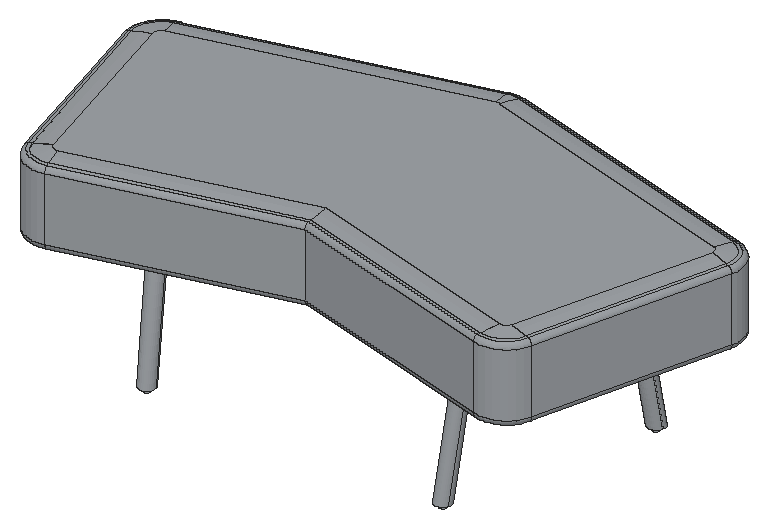
Revit family "Martin Brattrud - Medinah - Bench - 30 Degree", category Furniture, Revit 2016
Family settings
  OmniClass Number = 23.40.20.00
  OmniClass Title = General Furniture and Specialties
  Work Plane-Based = No
  Always vertical = Yes
  Cut with Voids When Loaded = No
  Shared = No
  Room Calculation Point = No
Parameters
  r = 0' - 0 1/2"  # constant formula
  WIDTH = 5' - 3"  # constant formula
  Upholstery (Seat) [instance] = Fabric - White
  Upholstery (Pillow) [instance] = Fabric - White
  Upholstery (Back) [instance] = Fabric - White
  URL = "http://www.martinbrattrud.com"
  SCS Certified Product = "Yes"
  Model = "1924-51"
  Manufacturer = "Martin Brattrud, Inc."
  Leg [instance] = Metal, Chrome
  Keynote = "125000"
  HEIGHT = 3' - 7"
  Description = "Medinah, Bench 30 Degree"
  DEPTH = 2' - 0"  # constant formula
  Copyright = "© 2018 Martin Brattrud, Inc."
  Authoring Version = "Revit Architecture 2016"
  Assembly Code = "E2020200"
  ANGLE = 15.00°  # constant formula
Reference planes (in)
  plane 1 "Center Front/Back": y = 0
  plane 2: z = 0
  plane 3 "Center Left/Right": x = 0
  plane 4: z = 11.3187651
  plane 5: z = 0.3828391
  plane 6: z = 11.0687651
  plane 7: z = 9.5880093
  plane 8: z = 18.375424
  plane 9: through (0, -4.1319701, 19.5573484) normal (0, 0.9781, -0.2079)
  plane 10: through (0, -4.2542385, 19.5833374) normal (0, 0.9781, -0.2079)
  plane 11 "TOS": z = 17.5
  plane 12: through (-13.7063367, -16.1213211, 48) normal (-0.9659, -0.2588, 0)
  plane 13: through (13.7063367, -16.1213211, 48) normal (-0.9659, 0.2588, 0)
  plane 14: through (-12.5604656, 2.3588465, 48) normal (0.9659, 0.2588, 0)
Lines and regions (in)
  reference lines
    curve 1: line (0, 10, 17.5) -> (-30, 1.9615242, 17.5)
    curve 2: line (0, 10, 17.5) -> (30, 1.9615242, 17.5)
    curve 3: line (-28.9777748, 2.2354286, 17.5) -> (-22.7661177, -20.9467912, 17.5)
    curve 4: line (28.9777748, 2.2354286, 17.5) -> (22.7661177, -20.9467912, 17.5)
    curve 5: line (0, -14.8466283, 17.5) -> (-23.7883429, -21.2206956, 17.5)
    curve 6: line (0, -14.8466283, 17.5) -> (23.7883429, -21.2206956, 17.5)
    curve 7: line (0, -12.2584379, 17.5) -> (-20.9983508, -17.884929, 17.5)
    curve 8: line (0, -12.2584379, 17.5) -> (20.9983508, -17.884929, 17.5)
    curve 9: line (-25.9159126, 0.4676617, 17.5) -> (-20.9983508, -17.884929, 17.5)
    curve 10: line (0, 7.4118095, 17.5) -> (-25.9159126, 0.4676617, 17.5)
    curve 11: line (0, 7.4118095, 17.5) -> (25.9159126, 0.4676617, 17.5)
    curve 12: line (25.9159126, 0.4676617, 17.5) -> (20.9983508, -17.884929, 17.5)
    curve 13: line (0, -2.4233142, 17.5) -> (-26.8941715, -9.6295857, 17.5)
    curve 14: line (0, -2.4233142, 17.5) -> (26.8941715, -9.6295857, 17.5)
Dimensions and locks (in)
  plane 8 to level = 1' - 6.37542"
  locked: plane 9 to plane 10 at 0.125
  plane 11 "TOS" to level = 1' - 5 1/2"
  curve 3 to curve 2 = 2' - 6"
  curve 4 to curve 2 = 2' - 6"
  locked: curve 1 to curve 5 at 24
  locked: curve 6 to curve 2 at 24
  locked: curve 7 to curve 5 at 2.5
  locked: curve 1 to curve 10 at 2.5
  locked: curve 11 to curve 2 at 2.5
  locked: curve 6 to curve 8 at 2.5
  locked: curve 3 to curve 9 at 2.5
  locked: curve 12 to curve 4 at 2.5
  curve 3 to plane 12 = 0' - 10"
  curve 4 to plane 13 = 0' - 10"
  locked: curve 5 to curve 3 (angle 90.00°)
  locked: curve 3 to curve 1 (angle 90.00°)
  locked: curve 4 to curve 6 (angle 90.00°)
  locked: curve 2 to curve 4 (angle 90.00°)
Nested families (in)
  nested 1: "Martin_Brattrud_Medinah_SEAT CUSHION_30" at (0, 0, 0), UPHOLSTERY <- "Upholstery (Seat)", type "Martin_Brattrud_Medinah_SEAT CUSHION_30"
    with WIDTH 5' - 0", UPHOLSTERY Fabric - White, LEG Metal, Chrome, DEPTH 2' - 4"
  nested 2: "Martin_Brattrud_Medinah_LEG_Bench" at (-16.212688, -6.7674908, 0) x (0.9659, 0.2588, 0) z (0, 0, 1), LEG <- "Leg", type "Martin_Brattrud_Medinah_LEG_Bench"
  nested 3: "Martin_Brattrud_Medinah_LEG_Bench" at (16.212688, -6.7674908, 0) x (-0.9659, 0.2588, 0) z (0, 0, 1), LEG <- "Leg", type "Martin_Brattrud_Medinah_LEG_Bench"
Definition of nested family "Martin_Brattrud_Medinah_SEAT CUSHION_30"
  Parameters (values of type "Martin_Brattrud_Medinah_SEAT CUSHION_30")
    r = 0' - 0 1/2"
    WIDTH [instance] = 5' - 0"
    URL = "http://www.martinbrattrud.com"
    UPHOLSTERY [instance] = none
    SCS Certified Product = "Yes"
    Model = "MEDINAH"
    Manufacturer = "Martin Brattrud, Inc."
    LEG [instance] = none
    Keynote = "125000"
    DEPTH [instance] = 2' - 4"
    Copyright = "© 2013 Martin Brattrud, Inc."
    Authoring Version = "Revit Architecture 2010"
    Assembly Code = "E2020200"
    ANGLE = 15.00°
  Reference planes (in)
    plane 1 "Center Front/Back": y = 0
    plane 2: z = 0
    plane 3 "Center Left/Right": x = 0
    plane 4: y = 14
    plane 5: z = 11.3187651
    plane 6: z = 0.3828391
    plane 7: z = 11.0687651
    plane 8: z = 9.5880093
    plane 9: z = 18.375424
    plane 10: z = 29.1968652
    plane 11: through (0, -4.1319701, 19.5573484) normal (0, 0.9781, -0.2079)
    plane 12: through (0, -4.2542385, 19.5833374) normal (0, 0.9781, -0.2079)
    plane 13 "TOS": z = 17.5
    plane 14: through (-14.1259526, -16.2337568, 48) normal (-0.9659, -0.2588, 0)
    plane 15: through (14.1259526, -16.2337568, 48) normal (-0.9659, 0.2588, 0)
  Forms (in)
    Sweep 1, solid, material <- "UPHOLSTERY"
      path origin (0, 0, 17.5) x (0, -1, 0) y (1, 0, 0)
        loop
          line (-7.3771344, -0.1294095) -> (-0.5970712, -25.4329497)
          arc (-0.5970712, -25.4329497) -> (-0.3641083, -25.7365529) -> (0.0153012, -25.7865031) r 0.5
          line (0.0153012, -25.7865031) -> (17.4019661, -21.1277603)
          arc (17.4019661, -21.1277603) -> (17.7055693, -20.8947974) -> (17.7555195, -20.5153878) r 0.5
          line (17.7555195, -20.5153878) -> (12.2584379, 0) -> (17.7555195, 20.5153878)
          arc (17.7555195, 20.5153878) -> (17.7055693, 20.8947974) -> (17.4019661, 21.1277603) r 0.5
          line (17.4019661, 21.1277603) -> (0.0153012, 25.7865031)
          arc (0.0153012, 25.7865031) -> (-0.3641083, 25.7365529) -> (-0.5970712, 25.4329497) r 0.5
          line (-0.5970712, 25.4329497) -> (-7.3771344, 0.1294095)
          arc (-7.3771344, 0.1294095) -> (-7.3941715, 0) -> (-7.3771344, -0.1294095) r 0.5
      profile origin (-12.7811796, 3.9871028, 17.5) x (0.258819, -0.965926, 0) y (0, 0, 1)
        loop
          line (0, 0.875424) -> (-0.1591661, 0.875424)
          arc (-0.1591661, 0.875424) -> (-0.9953938, 0.8315992) -> (-1.8224596, 0.7006049) r 8
          line (-1.8224596, 0.7006049) -> (-2.1039558, 0.640771)
          arc (-2.1039558, 0.640771) -> (-2.388573, 0.4663574) -> (-2.5, 0.1516972) r 0.5
          line (-2.5, 0.1516972) -> (-2.5, -5.7471946)
          arc (-2.5, -5.7471946) -> (-2.3830222, -6.0685884) -> (-2.0868241, -6.2395985) r 0.5
          line (-2.0868241, -6.2395985) -> (-1.6892761, -6.3096969)
          arc (-1.6892761, -6.3096969) -> (-0.9973366, -6.4007925) -> (-0.3000907, -6.4312349) r 8
          line (-0.3000907, -6.4312349) -> (0, -6.4312349) -> (0, 0.875424)
    Extrusion 2, solid, material <- "UPHOLSTERY"
      sketch origin (0, 0, 17.5) x (0, -1, 0) y (1, 0, 0)
        loop
          line (12.2584379, 0) -> (17.7555195, 20.5153878)
          arc (17.7555195, 20.5153878) -> (17.7055693, 20.8947974) -> (17.4019661, 21.1277603) r 0.5
          line (17.4019661, 21.1277603) -> (0.0153012, 25.7865031)
          arc (0.0153012, 25.7865031) -> (-0.3641083, 25.7365529) -> (-0.5970712, 25.4329497) r 0.5
          line (-0.5970712, 25.4329497) -> (-7.3771344, 0.1294095)
          arc (-7.3771344, 0.1294095) -> (-7.3941715, 0) -> (-7.3771344, -0.1294095) r 0.5
          line (-7.3771344, -0.1294095) -> (-0.5970712, -25.4329497)
          arc (-0.5970712, -25.4329497) -> (-0.3641083, -25.7365529) -> (0.0153012, -25.7865031) r 0.5
          line (0.0153012, -25.7865031) -> (17.4019661, -21.1277603)
          arc (17.4019661, -21.1277603) -> (17.7055693, -20.8947974) -> (17.7555195, -20.5153878) r 0.5
          line (17.7555195, -20.5153878) -> (12.2584379, 0)
      from -6.4312349 to 0.875424
  Cuts and joins
    joined: Sweep 1, Extrusion 2
  Lines and regions (in)
    reference lines
      curve 1: line (0, 10, 17.5) -> (-30, 1.9615242, 17.5)
      curve 2: line (0, 10, 17.5) -> (30, 1.9615242, 17.5)
      curve 3: line (-28.9777748, 2.2354286, 17.5) -> (-22.7661177, -20.9467912, 17.5)
      curve 4: line (28.9777748, 2.2354286, 17.5) -> (22.7661177, -20.9467912, 17.5)
      curve 5: line (0, -14.8466283, 17.5) -> (-23.7883429, -21.2206956, 17.5)
      curve 6: line (0, -14.8466283, 17.5) -> (23.7883429, -21.2206956, 17.5)
      curve 7: line (0, 14.1411047, 17.5) -> (-31.0352762, 5.8252275, 17.5)
      curve 8: line (0, 14.1411047, 17.5) -> (31.0352762, 5.8252275, 17.5)
      curve 9: line (0, -12.2584379, 17.5) -> (-20.9983508, -17.884929, 17.5)
      curve 10: line (0, -12.2584379, 17.5) -> (20.9983508, -17.884929, 17.5)
      curve 11: line (-25.9159126, 0.4676617, 17.5) -> (-20.9983508, -17.884929, 17.5)
      curve 12: line (0, 7.4118095, 17.5) -> (-25.9159126, 0.4676617, 17.5)
      curve 13: line (0, 7.4118095, 17.5) -> (25.9159126, 0.4676617, 17.5)
      curve 14: line (25.9159126, 0.4676617, 17.5) -> (20.9983508, -17.884929, 17.5)
  Dimensions and locks (in)
    plane 9 to level = 1' - 6.37542"
    locked: plane 11 to plane 12 at 0.125
    plane 13 "TOS" to level = 1' - 5 1/2"
    curve 3 to curve 2 = 2' - 6"
    curve 4 to curve 2 = 2' - 6"
    locked: curve 1 to curve 5 at 24
    locked: curve 6 to curve 2 at 24
    locked: curve 7 to curve 1 at 4
    locked: curve 2 to curve 8 at 4
    locked: curve 9 to curve 5 at 2.5
    locked: curve 1 to curve 12 at 2.5
    locked: curve 13 to curve 2 at 2.5
    locked: curve 6 to curve 10 at 2.5
    locked: curve 3 to curve 11 at 2.5
    locked: curve 14 to curve 4 at 2.5
    "r": radius of Sweep 1 sketch curve  (x5)
    "r": radius of Extrusion 2 sketch curve  (x5)
    locked: curve 5 to curve 3 (angle 90.00°)
    locked: curve 3 to curve 1 (angle 90.00°)
    locked: curve 4 to curve 6 (angle 90.00°)
    locked: curve 2 to curve 4 (angle 90.00°)
    "ANGLE": angle curve 8 to plane 4
    "ANGLE": angle plane 4 to curve 7
    aligned and locked: Extrusion 2 to plane 9
    aligned and locked: Extrusion 2 to plane 7
    aligned and locked: plane 3 "Center Left/Right" to curve 1
    aligned and locked: curve 12 to Sweep 1 sketch curve
    aligned and locked: curve 11 to Sweep 1 sketch curve
    aligned and locked: Sweep 1 sketch curve to curve 9
    aligned and locked: curve 10 to Sweep 1 sketch curve
    aligned and locked: Sweep 1 sketch curve to curve 14
    aligned and locked: Sweep 1 sketch curve to curve 13
    aligned and locked: Extrusion 2 sketch curve to curve 9
    aligned and locked: Extrusion 2 sketch curve to curve 11
    aligned and locked: Extrusion 2 sketch curve to curve 12
    aligned and locked: curve 13 to Extrusion 2 sketch curve
    aligned and locked: curve 14 to Extrusion 2 sketch curve
    aligned and locked: Extrusion 2 sketch curve to curve 10
  Automatic sketch dimensions
    profile plane to Sweep 1 sketch curve = 0' - 0"
    Sweep 1 sketch curve to Sweep 1 sketch curve = 0' - 0.15917"
    Sweep 1 sketch curve to Sweep 1 sketch curve = 0' - 0.30009"
    Sweep 1 sketch curve to Sweep 1 sketch curve = 0' - 1.38919"
    Sweep 1 sketch curve to plane 13 "TOS" = 0' - 0.7006"
    Sweep 1 sketch curve to Sweep 1 sketch curve = 0' - 1.66329"
    Sweep 1 sketch curve to Sweep 1 sketch curve = 0' - 0.31072"
    Sweep 1 sketch curve to Sweep 1 sketch curve = 0' - 0.39755"
    Sweep 1 sketch curve to plane 13 "TOS" = 0' - 0.1517"
    Sweep 1 sketch curve to Sweep 1 sketch curve = 0' - 0.17754"
    Sweep 1 sketch curve to plane 13 "TOS" = 0' - 0.64077"
    Sweep 1 sketch curve to Sweep 1 sketch curve = 0' - 0.2815"
    plane 13 "TOS" to Sweep 1 sketch curve = 0' - 5.74719"
    Sweep 1 sketch curve to Sweep 1 sketch curve = 0' - 0.0701"
    Sweep 1 sketch curve to Sweep 1 sketch curve = 0' - 0.12154"
    Sweep 1 sketch curve to Sweep 1 sketch curve = 0' - 0.69334"
    plane 3 "Center Left/Right" to Sweep 1 sketch curve = 0' - 0.12941"
    Sweep 1 sketch curve to plane 3 "Center Left/Right" = 0' - 0.12941"
    Sweep 1 sketch curve to Sweep 1 sketch curve = 0' - 0.48296"  (x4)
    plane 1 "Center Front/Back" to Sweep 1 sketch curve = 0' - 0.0153"  (x2)
    Sweep 1 sketch curve to Sweep 1 sketch curve = 0' - 0.12941"  (x2)
    plane 3 "Center Left/Right" to Extrusion 2 sketch curve = 0' - 0.12941"
    Extrusion 2 sketch curve to plane 3 "Center Left/Right" = 0' - 0.12941"
    Extrusion 2 sketch curve to Extrusion 2 sketch curve = 0' - 0.48296"  (x4)
    plane 1 "Center Front/Back" to Extrusion 2 sketch curve = 0' - 0.0153"  (x2)
    Extrusion 2 sketch curve to Extrusion 2 sketch curve = 0' - 0.12941"  (x2)
    plane 4 to curve 7 = 0' - 0.1411"
Definition of nested family "Martin_Brattrud_Medinah_LEG_Bench"
  Parameters (values of type "Martin_Brattrud_Medinah_LEG_Bench")
    URL = "http://www.martinbrattrud.com"
    UPHOLSTERY [instance] = none
    SCS Certified Product = "Yes"
    Model = "MEDINAH"
    Manufacturer = "Martin Brattrud, Inc."
    LEG [instance] = none
    Keynote = "125000"
    Copyright = "© 2013 Martin Brattrud, Inc."
    Authoring Version = "Revit Architecture 2010"
    Assembly Code = "E2020200"
  Reference planes (in)
    plane 1 "Center Front/Back": y = 0
    plane 2: z = 0
    plane 3 "Center Left/Right": x = 0
    plane 4: y = 14
    plane 5: y = -14
    plane 6: y = 10
    plane 7: z = 11.3187651
    plane 8: z = 0.3828391
    plane 9: z = 11.0687651
    plane 10: z = 9.5880093
  Forms (in)
    Blend 1, solid, material <- "LEG"
      base sketch origin (0, 2.4291845, 0) x (1, 0, 0) y (0, 1, 0)
        loop
          circle (0, -12.0395903) r 0.75
      top sketch origin (0, 2.4291845, 0) x (1, 0, 0) y (0, 1, 0)
        loop
          circle (0, -10.1333403) r 0.75
      from 0.3828391 to 11.0687651
    Extrusion 2, solid, material <- "LEG"
      sketch origin (0, -0.0541609, 0) x (1, 0, 0) y (0, 1, 0)
        loop
          circle (0.0088621, -9.5418738) r 0.3125
        loop
          circle (0.0088621, 9.6501956) r 0.3125
      from 0 to 0.3828391
    Blend 3, solid, material <- "LEG"
      base sketch origin (0, 0, 0) x (1, 0, 0) y (0, 1, 0)
        loop
          arc (-0.75, -7.9697661) -> (0, -7.2197661) -> (0.75, -7.9697661) r 0.75
          line (0.75, -7.9697661) -> (0.75, 7.9697661)
          arc (0.75, 7.9697661) -> (0, 7.2197661) -> (-0.75, 7.9697661) r 0.75
          line (-0.75, 7.9697661) -> (-0.75, -7.9697661)
      top sketch origin (0, 0, 0) x (1, 0, 0) y (0, 1, 0)
        loop
          arc (-0.75, -7.7041557) -> (0, -6.9541557) -> (0.75, -7.7041557) r 0.75
          line (0.75, -7.7041557) -> (0.75, 7.7041557)
          arc (0.75, 7.7041557) -> (0, 6.9541557) -> (-0.75, 7.7041557) r 0.75
          line (-0.75, 7.7041557) -> (-0.75, -7.7041557)
      from 9.5880093 to 11.0687651
    Blend 4, solid, material <- "LEG"
      base sketch origin (0, -2.4291845, 0) x (1, 0, 0) y (0, 1, 0)
        loop
          circle (0, 12.0395903) r 0.75
      top sketch origin (0, -2.4291845, 0) x (1, 0, 0) y (0, 1, 0)
        loop
          circle (0, 10.1333403) r 0.75
      from 0.3828391 to 11.0687651
  Cuts and joins
    joined: Blend 1, Extrusion 2
